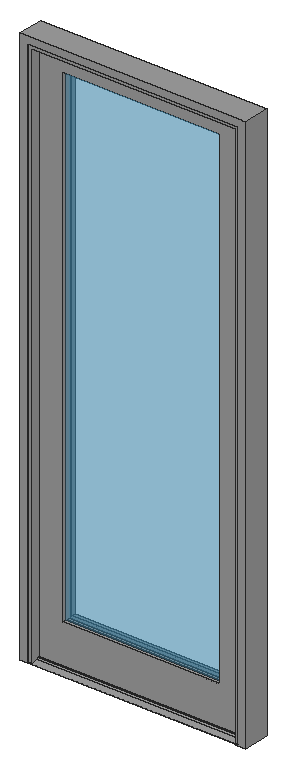
Revit family "AD-375 DOOR-1.56-PD-CW_v05", category Curtain Panels, Revit 2015
Parameters
  Width [instance] = 3' - 2"
  URL = "obe.com"
  Rough Width [instance] = 0' - 0"
  Panel Width [instance] = Width - 0' 2 1/2"  # 2' - 11 1/2"
  Panel Offset [instance] = 0' - 0"
  Offset [instance] = 0' - 3"
  Model = "AD-375 DOOR"
  Min-Max Rough Width [instance] = if(and((Rough Width > 3' 1 255/256"), (Rough Width < 3' 8 1/256")), Rough Width, 3' 2 1/2")  # 3' - 2 1/2"
  Min-Max Panel Width [instance] = if(and((Rough Width > 3' 1 255/256"), (Rough Width < 3' 8 1/256")), Rough Width - 0' 2 1/2", 3' 0")  # 3' - 0"
  Manufacturer = "Oldcastle BuildingEnvelope®"
  Keynote = "08 11 00"
  Height [instance] = 8' - 0"
  Glass Material = Glass
  Frame Material = Aluminum
  Door Panel Height [instance] = Height - 0' 0 21/32"  # 7' - 11 11/32"
  Description = "AD-375 - 1-9/16\" Door Infill"
  Assembly Code = "B2030"
  Analytic Construction = "<None>"
  6 Bottom Rail [instance] = yes
  10 Bottom Rail [instance] = not([6 Bottom Rail])  # no
Reference planes (in)
  plane 1 "Front": y = 0
  plane 2: z = 0
  plane 3 "Center (Left/Right)": x = 0
  plane 4 "Left": x = -19
  plane 5 "Right": x = 19
  plane 6 "Top": z = 96
  plane 7 "Offset": y = -3
  plane 8: x = -19.25
  plane 9: x = 19.25
Forms (in)
  Sweep 1, solid, material "Aluminum" <- "Frame Material"
    path origin (0, -3, 0) x (-1, 0, 0) y (0, 0, 1)
      loop
        line (-19.25, 96) -> (-19.25, 0)
    profile origin (19.25, -3, 48) x (0, 1, 0) y (-1, 0, 0)
      loop
        line (0, 0) -> (0, 1.25) -> (-2.7624, 1.25) -> (-2.7624, 1.812) -> (-4.3574, 1.812) -> (-4.3574, 1.25) -> (-4.50055, 1.25) -> (-4.50055, 0) -> (0, 0)
  Sweep 2, solid, material "Aluminum" <- "Frame Material"
    path origin (0, -3, 0) x (-1, 0, 0) y (0, 0, 1)
      loop
        line (19.25, 96) -> (19.25, 0)
    profile origin (-19.25, -3, 48) x (0, 1, 0) y (-1, 0, 0)
      loop
        line (0, 0) -> (-4.50055, 0) -> (-4.50055, -1.25) -> (-4.3574, -1.25) -> (-4.3574, -1.812) -> (-2.7624, -1.812) -> (-2.7624, -1.25) -> (0, -1.25) -> (0, 0)
  Sweep 3, solid, material "Aluminum" <- "Frame Material"
    path origin (0, -3, 0) x (-1, 0, 0) y (0, 0, 1)
      loop
        line (19.25, 96) -> (-19.25, 96)
    profile origin (0, -3, 96) x (0, 0, -1) y (0, 1, 0)
      loop
        line (1.25, 0) -> (0, 0) -> (0, -4.50055) -> (1.25, -4.50055) -> (1.25, -4.3574) -> (1.812, -4.3574) -> (1.812, -2.7624) -> (1.25, -2.7624) -> (1.25, 0)
Cuts and joins
  joined: Sweep 1, Sweep 2, Sweep 3
Text (in)
  text "Exterior" at (-54.29358, 31.38743, 0), in view "Ref. Level"
  text "Exterior" at (480, 41.53993, 89.60405), in view "Right"
  text "Exterior" at (-240, 57.82419, 105.78864), in view "Left"
Dimensions and locks (in)
  equal spacing: plane 4 "Left", plane 3 "Center (Left/Right)", plane 5 "Right"
  "Width": plane 4 "Left" to plane 5 "Right"
  "Height": plane 6 "Top" to plane 2
  "Offset": plane 7 "Offset" to plane 1 "Front"
  locked: plane 7 "Offset" to nested 2 at 1.4437
  locked: plane 9 to nested 2 at 1.25
  locked: plane 7 "Offset" to nested 3 at 1.4437
  locked: nested 3 to plane 8 at 1.25
  locked: nested 4 to plane 6 "Top" at 1.25
  locked: plane 7 "Offset" to nested 4 at 1.4437
  equal spacing: plane 8, plane 3 "Center (Left/Right)", plane 9
  "Min-Max Rough Width": plane 8 to plane 9
  locked: nested 1 to plane 7 "Offset" at 1.4437
  aligned and locked: level to plane 2
  aligned and locked: plane 3 "Center (Left/Right)" to nested 1
  aligned and locked: plane 2 to Sweep 1 sketch curve
  aligned and locked: plane 6 "Top" to Sweep 1 sketch curve
  aligned and locked: plane 2 to Sweep 2 sketch curve
  aligned and locked: plane 6 "Top" to Sweep 2 sketch curve
  aligned and locked: plane 6 "Top" to Sweep 3 sketch curve
  aligned and locked: plane 8 to Sweep 2 sketch curve
  aligned and locked: Sweep 1 sketch curve to plane 9
  aligned and locked: plane 9 to Sweep 3 sketch curve
  aligned and locked: plane 8 to Sweep 3 sketch curve
Automatic sketch dimensions
  Sweep 2 sketch curve to Sweep 2 sketch curve = 0' - 0.14315"
  Sweep 2 sketch curve to Sweep 2 sketch curve = 0' - 1.595"
  profile plane to Sweep 2 sketch curve = 0' - 1 1/4"  (x2)
  Sweep 2 sketch curve to Sweep 2 sketch curve = 0' - 2.7624"
  Sweep 2 sketch curve to Sweep 2 sketch curve = 0' - 0.562"
  Sweep 2 sketch curve to plane 7 "Offset" = 0' - 0"
  Sweep 2 sketch curve to profile plane = 0' - 0"
  Sweep 1 sketch curve to profile plane = 0' - 1.812"
  profile plane to Sweep 1 sketch curve = 0' - 0"
  Sweep 1 sketch curve to plane 7 "Offset" = 0' - 4.50055"
  Sweep 1 sketch curve to Sweep 1 sketch curve = 0' - 0.14315"
  Sweep 1 sketch curve to Sweep 1 sketch curve = 0' - 1.595"
  Sweep 1 sketch curve to profile plane = 0' - 1 1/4"  (x2)
  Sweep 1 sketch curve to Sweep 1 sketch curve = 0' - 2.7624"
  Sweep 3 sketch curve to profile plane = 0' - 1.812"
  Sweep 3 sketch curve to profile plane = 0' - 1 1/4"  (x2)
  Sweep 3 sketch curve to Sweep 3 sketch curve = 0' - 1 1/4"
  Sweep 3 sketch curve to plane 7 "Offset" = 0' - 4.50055"
  Sweep 3 sketch curve to Sweep 3 sketch curve = 0' - 0.14315"
  Sweep 3 sketch curve to Sweep 3 sketch curve = 0' - 1.595"
  Sweep 3 sketch curve to Sweep 3 sketch curve = 0' - 2.7624"
Nested families (in)
  nested 1: "AD-375 DOOR-1.56-PD-Panel_v04" at (0, -22.4437, 0), Frame Material <- "Frame Material", Glass Material <- "Glass Material", 6 Bottom Rail <- "6 Bottom Rail", Height <- "Door Panel Height", Width <- "Min-Max Panel Width", type "AD-375 DOOR-1.56-PD-Panel_v04"
    with built-in parameter 1001301 3' - 0", Offset 0' - 6", built-in parameter 1001300 7' - 11 11/32", Glass Material Glass, Frame Material Aluminum, Bottom Rail 0' - 6 19/32", 6 Bottom Rail yes, 10 Bottom Rail no
  nested 2: "EDGE FRAME L" at (20.5, -4.4437, 0) x (-1, 0, 0) z (0, 0, 1), type "EDGE FRAME L"
  nested 3: "EDGE FRAME R" at (-20.5, -4.4437, 0) x (-1, 0, 0) z (0, 0, 1), type "EDGE FRAME R"
  nested 4: "TOP FRAME" at (0, -4.4437, 97.25) x (0, -1, 0) z (1, 0, 0), type "TOP FRAME"
Definition of nested family "AD-375 DOOR-1.56-PD-Panel_v04"
  Parameters (values of type "AD-375 DOOR-1.56-PD-Panel_v04")
    Width [instance] = 3' - 6"
    Offset [instance] = 0' - 6"
    Height [instance] = 8' - 0"
    Glass Material [instance] = none
    Frame Material [instance] = none
    Bottom Rail [instance] = if([10 Bottom Rail], 0' 10 19/32", 0' 6 19/32")  # 0' - 6 19/32"
    Analytic Construction = "<None>"
    6 Bottom Rail [instance] = yes
    10 Bottom Rail [instance] = not([6 Bottom Rail])  # no
  Reference planes (in)
    plane 1 "00": y = 18
    plane 2: z = 0
    plane 3 "Center (Left/Right)": x = 0
    plane 4: z = 96
    plane 5: x = -21
    plane 6: x = 21
    plane 7 "Center (Front/Back)": y = 24
    plane 8: z = 48
    plane 9: z = 92.46875
    plane 10: z = 6.59375
    plane 11: x = 16.87499
    plane 12: x = -16.87499
  Forms (in)
    Sweep 1, solid, material <- "Frame Material"
      path origin (0, 18, 0) x (1, 0, 0) y (0, 0, 1)
        loop
          line (-20.93562, 96) -> (20.93745, 96)
      profile origin (0.00091, 18, 96) x (0, 0, 1) y (0, -1, 0)
        loop
          line (-0.59375, -1.3187) -> (-0.59375, 1.3187) -> (-3.96875, 1.3187) -> (-3.96875, 0.78148) -> (-3.53125, 0.78148) -> (-3.53125, -0.7815) -> (-3.96875, -0.7815) -> (-3.96875, -1.3187) -> (-0.59375, -1.3187)
    Sweep 2, solid, material <- "Frame Material"
      path origin (0, 18, 0) x (1, 0, 0) y (0, 0, 1)
        loop
          line (20.93745, 0) -> (-20.93562, 0)
      profile origin (0.00091, 18, 0) x (0, 0, -1) y (0, -1, 0)
        loop
          line (-7.125, -0.7815) -> (-7.125, -1.3187) -> (-0.375, -1.3187) -> (-0.375, 1.3187) -> (-0.256, 1.3187) -> (-0.256, -0.69426) -> (-0.1048, -1.44415) -> (0, -1.44415) -> (0, 3.05585) -> (-0.09458, 3.05585) -> (-0.256, 1.86985) -> (-0.506, 1.73385) -> (-0.506, 1.3187) -> (-7.125, 1.3187) -> (-7.125, 0.7815) -> (-6.59375, 0.7815) -> (-6.59375, -0.7815) -> (-7.125, -0.7815)
    Sweep 3, solid, material <- "Frame Material"
      path origin (0, 18, 0) x (1, 0, 0) y (0, 0, 1)
        loop
          line (21, 95.40625) -> (21, 0.375)
      profile origin (21, 18, 47.89062) x (0, -1, 0) y (1, 0, 0)
        loop
          line (1.3187, -4.56251) -> (1.3187, -0.06255) -> (-1.3187, -0.06255) -> (-1.3187, -4.56251) -> (-0.7815, -4.56251) -> (-0.7815, -4.12501) -> (0.7815, -4.12501) -> (0.7815, -4.56251) -> (1.3187, -4.56251)
    Sweep 4, solid, material <- "Frame Material"
      path origin (0, 18, 0) x (1, 0, 0) y (0, 0, 1)
        loop
          line (-21, 95.40625) -> (-21, 0.375)
      profile origin (-21, 18, 47.89062) x (0, -1, 0) y (1, 0, 0)
        loop
          line (-1.3187, 0.06438) -> (1.3187, 0.06438) -> (1.3187, 4.56251) -> (0.7815, 4.56251) -> (0.7815, 4.12501) -> (-0.7815, 4.12501) -> (-0.7815, 4.56251) -> (-1.3187, 4.56251) -> (-1.3187, 0.06438)
    Extrusion 5, solid, material <- "Glass Material", detail levels coarse
      sketch origin (0, 0, 0) x (1, 0, 0) y (0, 1, 0)
        loop
          line (-16.87499, 18.7815) -> (-16.87499, 17.2185) -> (16.87499, 17.2185) -> (16.87499, 18.7815) -> (-16.87499, 18.7815)
      from 6.59375 to 92.46875
    Extrusion 6, solid, material <- "Glass Material", detail levels medium+fine
      sketch origin (0, 0, 0) x (1, 0, 0) y (0, 1, 0)
        loop
          line (-16.87499, 17.2185) -> (16.87499, 17.2185) -> (16.87499, 17.4665) -> (-16.87499, 17.4665) -> (-16.87499, 17.2185)
        loop
          line (16.87499, 18.7815) -> (-16.87499, 18.7815) -> (-16.87499, 18.5335) -> (16.87499, 18.5335) -> (16.87499, 18.7815)
        loop
          line (16.87499, 18.12406) -> (-16.87499, 18.12406) -> (-16.87499, 17.87606) -> (16.87499, 17.87606) -> (16.87499, 18.12406)
      from 6.59375 to 92.46875
  Cuts and joins
    joined: Sweep 1, Sweep 2, Sweep 3, Sweep 4
  Lines and regions (in)
    model lines
      curve 1: line (16.87499, 18, 92.46875) -> (-16.43931, 18, 48)
      curve 2: line (16.87499, 18, 6.59375) -> (-16.43931, 18, 48)
  Dimensions and locks (in)
    equal spacing: plane 5, plane 3 "Center (Left/Right)", plane 6
    equal spacing: level, plane 8, plane 4
    locked: Sweep 3 sketch curve to plane 4 at 0.59375
    locked: Sweep 4 sketch curve to plane 4 at 0.59375
    locked: plane 9 to plane 4 at 3.53125
    "Bottom Rail": plane 10 to plane 2
    "Height": plane 4 to plane 2
    Sweep 1 sketch curve to plane 9 = 0' - 0 7/16"  (x2)
    locked: plane 10 to Sweep 2 sketch curve at 0.53125  (x2)
    "Width": plane 5 to plane 6
    locked: plane 6 to Sweep 2 sketch curve at 0.06255
    locked: plane 11 to plane 6 at 4.12501
    locked: plane 5 to plane 12 at 4.12501
    locked: Sweep 2 sketch curve to plane 5 at 0.06438
    locked: Sweep 1 sketch curve to plane 5 at 0.06438
    locked: plane 6 to Sweep 1 sketch curve at 0.06255
    locked: plane 2 to Sweep 3 sketch curve at 0.375
    locked: plane 2 to Sweep 4 sketch curve at 0.375
    "Offset": plane 1 "00" to plane 7 "Center (Front/Back)"
    aligned and locked: plane 2 to level
    aligned and locked: plane 3 "Center (Left/Right)" to nested 1
    aligned and locked: Sweep 1 sketch curve to plane 4
    aligned and locked: Sweep 2 sketch curve to level
    aligned and locked: level to nested 2
    aligned and locked: nested 2 to plane 1 "00"
    aligned and locked: Extrusion 6 to plane 9
    aligned and locked: Extrusion 5 to plane 9
    aligned and locked: plane 8 to curve 1
    aligned and locked: plane 10 to Extrusion 6
    aligned and locked: Sweep 3 sketch curve to plane 6
    aligned and locked: Sweep 4 sketch curve to plane 5
    aligned and locked: Extrusion 6 to plane 12  (x2)
    aligned and locked: Extrusion 5 to plane 12
    aligned and locked: plane 10 to Extrusion 5
    aligned and locked: plane 1 "00" to nested 1
    aligned and locked: Extrusion 6 sketch curve to plane 11  (x3)
    aligned and locked: plane 11 to Extrusion 5 sketch curve
  Automatic sketch dimensions
    Sweep 4 sketch curve to profile plane = 0' - 0.06438"
    Sweep 4 sketch curve to plane 1 "00" = 0' - 1.3187"
    Sweep 4 sketch curve to Sweep 4 sketch curve = 0' - 0.5372"
    plane 1 "00" to Sweep 4 sketch curve = 0' - 0.7815"
    plane 1 "00" to Sweep 4 sketch curve = 0' - 1.3187"
    Sweep 4 sketch curve to profile plane = 0' - 4 1/8"
    Sweep 4 sketch curve to Sweep 4 sketch curve = 0' - 0 7/16"  (x2)
    Sweep 3 sketch curve to plane 1 "00" = 0' - 1.3187"
    Sweep 3 sketch curve to Sweep 3 sketch curve = 0' - 0.5372"
    plane 1 "00" to Sweep 3 sketch curve = 0' - 0.7815"
    plane 1 "00" to Sweep 3 sketch curve = 0' - 1.3187"
    Sweep 3 sketch curve to Sweep 3 sketch curve = 0' - 0 7/16"  (x2)
    profile plane to Sweep 3 sketch curve = 0' - 0.06255"
    Sweep 3 sketch curve to Sweep 3 sketch curve = 0' - 4.06246"
    Sweep 1 sketch curve to Sweep 1 sketch curve = 0' - 0 7/16"
    profile plane to Sweep 1 sketch curve = 0' - 0 19/32"
    Sweep 1 sketch curve to plane 1 "00" = 0' - 1.3187"
    Sweep 1 sketch curve to Sweep 1 sketch curve = 0' - 0.5372"
    plane 1 "00" to Sweep 1 sketch curve = 0' - 0.78148"
    Sweep 1 sketch curve to Sweep 1 sketch curve = 0' - 0.53722"
    Sweep 2 sketch curve to profile plane = 0' - 0"
    Sweep 2 sketch curve to Sweep 2 sketch curve = 0' - 0 17/32"
    profile plane to Sweep 2 sketch curve = 0' - 0.506"
    profile plane to Sweep 2 sketch curve = 0' - 0 3/8"
    profile plane to Sweep 2 sketch curve = 0' - 0.256"  (x2)
    profile plane to Sweep 2 sketch curve = 0' - 0.1048"
    profile plane to Sweep 2 sketch curve = 0' - 0.09458"
    Sweep 2 sketch curve to plane 1 "00" = 0' - 1.44415"
    Sweep 2 sketch curve to plane 1 "00" = 0' - 1.3187"
    Sweep 2 sketch curve to Sweep 2 sketch curve = 0' - 0.5372"  (x2)
    Sweep 2 sketch curve to Sweep 2 sketch curve = 0' - 0.62444"
    plane 1 "00" to Sweep 2 sketch curve = 0' - 0.7815"
    plane 1 "00" to Sweep 2 sketch curve = 0' - 1.3187"
    Sweep 2 sketch curve to Sweep 2 sketch curve = 0' - 0.41515"
    Sweep 2 sketch curve to Sweep 2 sketch curve = 0' - 0.136"
    Sweep 2 sketch curve to Sweep 2 sketch curve = 0' - 1.186"
    Extrusion 5 sketch curve to plane 12 = 0' - 0"
    plane 1 "00" to Extrusion 5 sketch curve = 0' - 0.7815"
    Extrusion 5 sketch curve to plane 1 "00" = 0' - 0.7815"
    Extrusion 6 sketch curve to plane 12 = 0' - 0"  (x3)
    plane 1 "00" to Extrusion 6 sketch curve = 0' - 0.7815"
    Extrusion 6 sketch curve to Extrusion 6 sketch curve = 0' - 0.248"  (x2)
    plane 1 "00" to Extrusion 6 sketch curve = 0' - 0.12394"
    Extrusion 6 sketch curve to plane 1 "00" = 0' - 0.12406"
    Extrusion 6 sketch curve to Extrusion 6 sketch curve = 0' - 0.40944"
    curve 2 to plane 10 = 0' - 0"
    curve 2 to plane 11 = 0' - 0"
    curve 1 to plane 9 = 0' - 0"
    curve 1 to plane 11 = 0' - 0"
    plane 12 to curve 2 = 0' - 0.43567"
  Nested families (in)
    nested 1: "AD-375 DOOR-1.56-PD-Plan View_v02" at (0, 18, 0), Width <- "Width", type "AD-375 DOOR-1.56-PD-Plan View_v02"
    nested 2: "AD-375 DOOR-1.56-PD-Section" at (0, 18, 0) x (0, -1, 0) z (1, 0, 0), 6 Bottom Rail <- "6 Bottom Rail", Height <- "Height", type "AD-375 DOOR-1.56-PD-Section"
      with Height 8' - 0", Bottom Rail 0' - 6 19/32", 6 Bottom Rail yes, 10 Bottom Rail no
  Definition of nested family "AD-375 DOOR-1.56-PD-Plan View_v02"
    Parameters (values of type "AD-375 DOOR-1.56-PD-Plan View_v02")
      Width [instance] = 3' - 6"
    Reference planes (in)
      plane 1 "Center (Front/Back)": y = 0
      plane 2: z = 0
      plane 3 "Center (Left/Right)": x = 0
      plane 4: x = -21
      plane 5: x = 21
      plane 6: x = 19.25
      plane 7: y = 43.6875
      plane 8: x = -16.87499
      plane 9: y = 39.49999
      plane 10: x = -20.9375
      plane 11: x = 20.9375
      plane 12: y = 1.6875
      plane 13: y = 43.5625
    Lines and regions (in)
      detail lines, in view "Ref. Level", not visible
        curve 1: line (16.59354, -0.7815, 0) -> (-16.87499, -0.7815, 0)
        curve 2: line (16.59354, 0.7815, 0) -> (-16.87499, 0.7815, 0)
        curve 13: line (16.59354, 0.5335, 0) -> (-16.87499, 0.5335, 0)
        curve 14: line (16.59354, -0.5335, 0) -> (-16.87499, -0.5335, 0)
        curve 15: line (16.59354, 0.124, 0) -> (-16.87499, 0.124, 0)
        curve 16: line (16.59354, -0.124, 0) -> (-16.87499, -0.124, 0)
      detail lines, in view "Ref. Level"
        curve 3: line (20.0315, 39.50099, 0) -> (20.0315, 5.75001, 0)
        curve 7: line (18.4685, 39.50099, 0) -> (18.4685, 5.75001, 0)
        curve 22: arc (-20.93745, 1.3187, 0) -> (-8.93334, 31.03678, 0) -> (20.5687, 43.56245, 0) r 41.87657
      detail lines, in view "Ref. Level", detail levels fine
        curve 4: line (19.9695, 39.50099, 0) -> (19.9695, 5.75001, 0)
        curve 5: line (19.9075, 39.50099, 0) -> (19.9075, 5.75001, 0)
        curve 6: line (19.8455, 39.50099, 0) -> (19.8455, 5.75001, 0)
        curve 8: line (18.6545, 39.50099, 0) -> (18.6545, 5.75001, 0)
        curve 9: line (18.5925, 39.50099, 0) -> (18.5925, 5.75001, 0)
        curve 10: line (18.5305, 39.50099, 0) -> (18.5305, 5.75001, 0)
        curve 18: line (19.312, 39.50099, 0) -> (19.312, 5.75001, 0)
        curve 19: line (19.25, 39.50099, 0) -> (19.25, 5.75001, 0)
        curve 20: line (19.188, 39.50099, 0) -> (19.188, 5.75001, 0)
      detail lines, in view "Ref. Level", detail levels medium+fine
        curve 11: line (19.7835, 39.50099, 0) -> (19.7835, 5.75001, 0)
        curve 12: line (18.7165, 39.50099, 0) -> (18.7165, 5.75001, 0)
        curve 17: line (19.374, 39.50099, 0) -> (19.374, 5.75001, 0)
        curve 21: line (19.126, 39.50099, 0) -> (19.126, 5.75001, 0)
    Dimensions and locks (in)
      "Width": plane 12 to plane 7
      equal spacing: plane 4, plane 3 "Center (Left/Right)", plane 5
      "Width": plane 4 to plane 5
      nested 1 to plane 4 to plane 8 = 0' - 2.5305" locked, 0' - 4 1/8" locked
      plane 6 to plane 11 to plane 5 to nested 3 = 0' - 1 11/16" locked, 0' - 0 1/16" locked, 0' - 2.5305" locked
      locked: plane 4 to plane 10 at 0.0625
      nested 4 to plane 1 "Center (Front/Back)" to plane 12 = 0' - 0.9055" locked, 0' - 1 11/16" locked
      locked: plane 13 to plane 7 at 0.125
      locked: plane 9 to plane 7 at 4.18751
      locked: plane 13 to nested 2 at 2.593
      aligned and locked: nested 1 to plane 1 "Center (Front/Back)"
      aligned and locked: nested 2 to plane 6
      aligned and locked: nested 3 to plane 1 "Center (Front/Back)"
      aligned and locked: nested 4 to plane 6
      aligned and locked: nested 1 to curve 22
      aligned and locked: nested 2 to curve 22
    Automatic sketch dimensions
      curve 15 to plane 8 = 0' - 0"
      curve 2 to plane 8 = 0' - 0"
      curve 1 to plane 8 = 0' - 0"
      curve 13 to plane 8 = 0' - 0"
      curve 16 to plane 8 = 0' - 0"
      curve 14 to plane 8 = 0' - 0"
      curve 19 to plane 6 = 0' - 0"
      curve 22 to plane 11 = 0' - 0"
      plane 12 to curve 22 = 0' - 0"
      curve 15 to plane 1 "Center (Front/Back)" = 0' - 0.124"
      plane 6 to curve 15 = 0' - 2.65646"
      curve 2 to curve 15 = 0' - 0"
      curve 16 to curve 15 = 0' - 0"
      curve 14 to curve 16 = 0' - 0"
      curve 1 to curve 14 = 0' - 0"
      curve 13 to curve 2 = 0' - 0"
      plane 6 to curve 7 = 0' - 0.7815"
      curve 7 to curve 10 = 0' - 0.062"
      curve 10 to curve 9 = 0' - 0.062"
      curve 8 to plane 9 = 0' - 0.001"
      curve 9 to curve 8 = 0' - 0.062"
      curve 8 to curve 12 = 0' - 0.062"
      plane 6 to curve 21 = 0' - 0.124"
      curve 21 to curve 20 = 0' - 0.062"
      curve 18 to plane 9 = 0' - 0.001"
      curve 18 to plane 6 = 0' - 0.062"
      curve 17 to plane 9 = 0' - 0.001"
      curve 18 to curve 17 = 0' - 0.062"
      curve 11 to plane 9 = 0' - 0.001"
      curve 17 to curve 11 = 0' - 0.4095"
      curve 11 to curve 6 = 0' - 0.062"
      curve 5 to plane 9 = 0' - 0.001"
      curve 6 to curve 5 = 0' - 0.062"
      curve 5 to curve 4 = 0' - 0.062"
      curve 4 to curve 3 = 0' - 0.062"
      plane 13 to curve 22 = 0' - 0.00005"
      curve 15 to curve 2 = 0' - 0.6575"
      curve 13 to curve 2 = 0' - 0.248"
      plane 1 "Center (Front/Back)" to curve 16 = 0' - 0.124"
      curve 14 to curve 16 = 0' - 0.4095"
      curve 1 to curve 14 = 0' - 0.248"
      curve 7 to plane 12 = 0' - 4 1/16"
      curve 7 to curve 8 = 0' - 0"
      curve 8 to curve 21 = 0' - 0"
      curve 9 to curve 8 = 0' - 0"
      curve 21 to curve 20 = 0' - 0"
      curve 10 to curve 9 = 0' - 0"
      curve 20 to curve 19 = 0' - 0"
      curve 19 to curve 11 = 0' - 0"
      curve 19 to curve 18 = 0' - 0"
      curve 8 to curve 12 = 0' - 0"
      curve 11 to curve 6 = 0' - 0"
      curve 18 to curve 17 = 0' - 0"
      curve 6 to curve 5 = 0' - 0"
      curve 5 to curve 3 = 0' - 0"
      curve 5 to curve 4 = 0' - 0"
      curve 4 to plane 9 = 0' - 0.001"
      curve 3 to plane 9 = 0' - 0.001"
      curve 6 to plane 9 = 0' - 0.001"
      curve 7 to plane 9 = 0' - 0.001"
      curve 19 to plane 9 = 0' - 0.001"
      curve 20 to plane 9 = 0' - 0.001"
      curve 10 to plane 9 = 0' - 0.001"
      curve 21 to plane 9 = 0' - 0.001"
      curve 9 to plane 9 = 0' - 0.001"
      curve 12 to plane 9 = 0' - 0.001"
    Nested families (in)
      nested 1: "HINGE STILE PIVOT" at (-23.5305, 0, 0), type "HINGE-PD-DI", in view "Ref. Level", not visible
      nested 2: "HINGE STILE PIVOT" at (19.25, 46.1555, 0) x (0, -1, 0) z (0, 0, 1), type "HINGE-PD-DI", in view "Ref. Level"
      nested 3: "HINGE STILE PIVOT" at (23.5305, 0, 0) x (-1, 0, 0) z (0, 0, 1), type "HINGE-PD-DI", in view "Ref. Level", not visible
      nested 4: "HINGE STILE PIVOT" at (19.25, -0.9055, 0) x (0, 1, 0) z (0, 0, 1), type "HINGE-PD-DI", in view "Ref. Level"
    Definition of nested family "HINGE STILE PIVOT"
      Reference planes (in)
        plane 1 "Center (Front/Back)": y = 0
        plane 2: z = 0
        plane 3 "Center (Left/Right)": x = 0
      Lines and regions (in)
        detail lines, in view "Ref. Level"
          curve 1: line (2.91556, 1.3187, 0) -> (7.09301, 1.3187, 0)
          curve 2: line (7.09301, 1.3187, 0) -> (7.09301, 0.7815, 0)
          curve 3: line (7.09301, 0.7815, 0) -> (6.65551, 0.7815, 0)
          curve 4: line (6.65551, 0.7815, 0) -> (6.65551, -0.7815, 0)
          curve 5: line (6.65551, -0.7815, 0) -> (7.09301, -0.7815, 0)
          curve 6: line (7.09301, -0.7815, 0) -> (7.09301, -1.3187, 0)
          curve 7: line (7.09301, -1.3187, 0) -> (2.59305, -1.3187, 0)
          curve 8: line (2.59305, -1.3187, 0) -> (2.68991, 0.28882, 0)
          curve 9: arc (2.68991, 0.28882, 0) -> (2.73078, 0.37395, 0) -> (2.81952, 0.40621, 0) r 0.125
          curve 10: line (2.81952, 0.40621, 0) -> (2.81952, 1.19368, 0)
          curve 11: line (2.81952, 1.19368, 0) -> (2.82173, 1.23036, 0)
          curve 12: arc (2.82173, 1.23036, 0) -> (2.85113, 1.29314, 0) -> (2.91556, 1.3187, 0) r 0.094
  Definition of nested family "AD-375 DOOR-1.56-PD-Section"
    Parameters (values of type "AD-375 DOOR-Double-1.56-Section")
      Height [instance] = 8' - 0"
      Bottom Rail [instance] = if([10 Bottom Rail], 0' 10 19/32", 0' 6 19/32")  # 0' - 10 19/32"
      6 Bottom Rail [instance] = no
      10 Bottom Rail [instance] = not([6 Bottom Rail])  # yes
    Reference planes (in)
      plane 1 "Center (Front/Back)": y = 0
      plane 2: z = 0
      plane 3 "Center (Left/Right)": x = 0
      plane 4: y = 92.46875
      plane 5: y = 96
      plane 6: y = 10.59375
    Lines and regions (in)
      detail lines, in view "Ref. Level"
        curve 1: line (-0.78152, 92.46875, 0) -> (-0.78152, 10.59375, 0)
        curve 10: line (0.78148, 92.46875, 0) -> (0.78148, 10.59375, 0)
      detail lines, in view "Ref. Level", detail levels fine
        curve 2: line (-0.71952, 92.46875, 0) -> (-0.71952, 10.59375, 0)
        curve 3: line (-0.65752, 92.46875, 0) -> (-0.65752, 10.59375, 0)
        curve 4: line (-0.59552, 92.46875, 0) -> (-0.59552, 10.59375, 0)
        curve 7: line (0.59548, 92.46875, 0) -> (0.59548, 10.59375, 0)
        curve 8: line (0.65748, 92.46875, 0) -> (0.65748, 10.59375, 0)
        curve 9: line (0.71948, 92.46875, 0) -> (0.71948, 10.59375, 0)
        curve 12: line (-0.06202, 92.46879, 0) -> (-0.06202, 10.59379, 0)
        curve 13: line (-0.00002, 92.46879, 0) -> (-0.00002, 10.59379, 0)
        curve 14: line (0.06198, 92.46879, 0) -> (0.06198, 10.59379, 0)
      detail lines, in view "Ref. Level", detail levels medium+fine
        curve 5: line (-0.53352, 92.46875, 0) -> (-0.53352, 10.59375, 0)
        curve 6: line (0.53348, 92.46875, 0) -> (0.53348, 10.59375, 0)
        curve 11: line (-0.12402, 92.46879, 0) -> (-0.12402, 10.59379, 0)
        curve 15: line (0.12398, 92.46879, 0) -> (0.12398, 10.59379, 0)
    Dimensions and locks (in)
      nested 1 to plane 5 to plane 4 = 0' - 1 29/32" locked, 0' - 3 17/32" locked
      "Height": plane 1 "Center (Front/Back)" to plane 5
      "Bottom Rail": plane 1 "Center (Front/Back)" to plane 6
      aligned and locked: plane 4 to curve 1
      aligned and locked: plane 4 to curve 2
      aligned and locked: plane 4 to curve 3
      aligned and locked: plane 4 to curve 4
      aligned and locked: plane 4 to curve 5
      aligned and locked: plane 4 to curve 6
      aligned and locked: plane 4 to curve 7
      aligned and locked: plane 4 to curve 8
      aligned and locked: plane 4 to curve 9
      aligned and locked: plane 4 to curve 10
      aligned and locked: plane 3 "Center (Left/Right)" to nested 1
      aligned and locked: plane 6 to curve 10
      aligned and locked: plane 3 "Center (Left/Right)" to nested 2
      aligned and locked: nested 3 to plane 1 "Center (Front/Back)"
      aligned and locked: plane 3 "Center (Left/Right)" to nested 3
      aligned and locked: plane 1 "Center (Front/Back)" to nested 2
    Automatic sketch dimensions
      plane 6 to curve 1 = 0' - 0"
      plane 6 to curve 2 = 0' - 0"
      plane 6 to curve 3 = 0' - 0"
      plane 6 to curve 4 = 0' - 0"
      plane 6 to curve 5 = 0' - 0"
      plane 6 to curve 6 = 0' - 0"
      plane 6 to curve 7 = 0' - 0"
      plane 6 to curve 8 = 0' - 0"
      plane 6 to curve 9 = 0' - 0"
      curve 1 to plane 3 "Center (Left/Right)" = 0' - 0.78152"
      curve 1 to curve 2 = 0' - 0.062"
      curve 2 to curve 3 = 0' - 0.062"
      curve 3 to curve 4 = 0' - 0.062"
      curve 4 to curve 5 = 0' - 0.062"
      plane 4 to curve 11 = 0' - 0.00004"
      curve 11 to plane 3 "Center (Left/Right)" = 0' - 0.12402"
      curve 12 to plane 6 = 0' - 0.00004"
      curve 11 to curve 12 = 0' - 0.062"
      curve 13 to plane 3 "Center (Left/Right)" = 0' - 0"
      curve 14 to plane 6 = 0' - 0.00004"
      plane 3 "Center (Left/Right)" to curve 14 = 0' - 0.06198"
      plane 4 to curve 15 = 0' - 0.00004"
      curve 14 to curve 15 = 0' - 0.062"
      curve 15 to curve 6 = 0' - 0.4095"
      curve 6 to curve 7 = 0' - 0.062"
      curve 7 to curve 8 = 0' - 0.062"
      curve 8 to curve 9 = 0' - 0.062"
      curve 9 to curve 10 = 0' - 0.062"
      curve 13 to plane 6 = 0' - 0.00004"
      curve 11 to plane 6 = 0' - 0.00004"
      curve 15 to plane 6 = 0' - 0.00004"
      plane 4 to curve 14 = 0' - 0.00004"
      plane 4 to curve 12 = 0' - 0.00004"
      plane 4 to curve 13 = 0' - 0.00004"
    Nested families (in)
      nested 1: "TOP RAIL HINGE" at (0, 97.90625, 0), type "TOP RAIL-DI", in view "Ref. Level"
      nested 2: "6 BOTTOM RAIL" at (0, 7.12504, 0), visible <- "6 Bottom Rail", type "8 BOTTOM RAIL", in view "Ref. Level"
      nested 3: "10 BOTTOM RAIL" at (0, 11.12508, 0), visible <- "10 Bottom Rail", type "10 BOTTOM RAIL", in view "Ref. Level"
    Definition of nested family "TOP RAIL HINGE"
      Reference planes (in)
        plane 1 "Center (Front/Back)": y = 0
        plane 2: z = 0
        plane 3 "Center (Left/Right)": x = 0
      Lines and regions (in)
        detail lines, in view "Ref. Level"
          curve 1: line (1.3187, -2.625, 0) -> (-1.3187, -2.625, 0)
          curve 2: line (-1.3187, -2.625, 0) -> (-1.3187, -5.875, 0)
          curve 3: line (-1.3187, -5.875, 0) -> (-0.78152, -5.875, 0)
          curve 4: line (-0.78152, -5.875, 0) -> (-0.78152, -5.4375, 0)
          curve 5: line (-0.78152, -5.4375, 0) -> (0.78148, -5.4375, 0)
          curve 6: line (0.78148, -5.4375, 0) -> (0.78148, -5.875, 0)
          curve 7: line (0.78148, -5.875, 0) -> (1.3187, -5.875, 0)
          curve 8: line (1.3187, -5.875, 0) -> (1.3187, -2.625, 0)
    Definition of nested family "6 BOTTOM RAIL"
      Types (2): name
        6 BOTTOM RAIL
        8 BOTTOM RAIL
      Reference planes (in)
        plane 1 "Center (Front/Back)": y = 0
        plane 2: z = 0
        plane 3 "Center (Left/Right)": x = 0
      Lines and regions (in)
        detail lines, in view "Ref. Level"
          curve 1: line (1.31872, -6.75004, 0) -> (1.31872, 0, 0)
          curve 2: line (1.31872, 0, 0) -> (0.7815, 0, 0)
          curve 3: line (0.7815, 0, 0) -> (0.7815, -0.53204, 0)
          curve 4: line (0.7815, -0.53204, 0) -> (-0.7815, -0.53204, 0)
          curve 5: line (-0.7815, -0.53204, 0) -> (-0.7815, 0, 0)
          curve 6: line (-0.7815, 0, 0) -> (-1.28838, 0, 0)
          curve 7: line (-1.28838, 0, 0) -> (-1.28838, -6.75004, 0)
          curve 8: line (-1.28838, -6.75004, 0) -> (1.31872, -6.75004, 0)
          curve 9: line (3.05587, -7.12504, 0) -> (-1.44512, -7.12504, 0)
          curve 10: arc (-1.44512, -7.12504, 0) -> (-1.40967, -7.04655, 0) -> (-1.33797, -6.99884, 0) r 0.156
          curve 11: line (-1.33797, -6.99884, 0) -> (-0.69424, -6.86904, 0)
          curve 12: line (-0.69424, -6.86904, 0) -> (1.31872, -6.86904, 0)
          curve 13: line (1.31872, -6.86904, 0) -> (1.31872, -6.61904, 0)
          curve 14: line (1.31872, -6.61904, 0) -> (1.73387, -6.61904, 0)
          curve 15: line (1.73387, -6.61904, 0) -> (1.86987, -6.86904, 0)
          curve 16: line (1.86987, -6.86904, 0) -> (3.02642, -7.02507, 0)
          curve 17: arc (3.02642, -7.02507, 0) -> (3.04747, -7.03638, 0) -> (3.05587, -7.05876, 0) r 0.034
          curve 18: line (3.05587, -7.05876, 0) -> (3.05587, -7.12504, 0)
    Definition of nested family "10 BOTTOM RAIL"
      Reference planes (in)
        plane 1 "Center (Front/Back)": y = 0
        plane 2: z = 0
        plane 3 "Center (Left/Right)": x = 0
      Lines and regions (in)
        detail lines, in view "Ref. Level"
          curve 1: line (1.3187, -10.75008, 0) -> (1.3187, 0, 0)
          curve 2: line (1.3187, 0, 0) -> (0.78148, 0, 0)
          curve 3: line (0.78148, 0, 0) -> (0.78148, -0.53204, 0)
          curve 4: line (0.78148, -0.53204, 0) -> (-0.78152, -0.53204, 0)
          curve 5: line (-0.78152, -0.53204, 0) -> (-0.78152, 0, 0)
          curve 6: line (-0.78152, 0, 0) -> (-1.2884, 0, 0)
          curve 7: line (-1.2884, 0, 0) -> (-1.2884, -10.75008, 0)
          curve 8: line (-1.2884, -10.75008, 0) -> (1.3187, -10.75008, 0)
          curve 9: line (3.05585, -11.12508, 0) -> (-1.44514, -11.12508, 0)
          curve 10: arc (-1.44514, -11.12508, 0) -> (-1.40969, -11.0466, 0) -> (-1.33799, -10.99888, 0) r 0.156
          curve 11: line (-1.33799, -10.99888, 0) -> (-0.69426, -10.86908, 0)
          curve 12: line (-0.69426, -10.86908, 0) -> (1.3187, -10.86908, 0)
          curve 13: line (1.3187, -10.86908, 0) -> (1.3187, -10.61908, 0)
          curve 14: line (1.3187, -10.61908, 0) -> (1.73385, -10.61908, 0)
          curve 15: line (1.73385, -10.61908, 0) -> (1.86985, -10.86908, 0)
          curve 16: line (1.86985, -10.86908, 0) -> (3.0264, -11.02511, 0)
          curve 17: arc (3.0264, -11.02511, 0) -> (3.04745, -11.03643, 0) -> (3.05585, -11.0588, 0) r 0.034
          curve 18: line (3.05585, -11.0588, 0) -> (3.05585, -11.12508, 0)
Definition of nested family "EDGE FRAME L"
  Reference planes (in)
    plane 1 "Center (Front/Back)": y = 0
    plane 2: z = 0
    plane 3 "Center (Left/Right)": x = 0
  Lines and regions (in)
    detail lines, in view "Ref. Level"
      curve 1: line (2.5, 1.3187, 0) -> (2.5, -1.4437, 0)
      curve 2: line (2.5, -1.4437, 0) -> (1.25, -1.4437, 0)
      curve 3: line (1.25, -1.4437, 0) -> (1.25, 3.05685, 0)
      curve 4: line (1.25, 3.05685, 0) -> (2.5, 3.05685, 0)
      curve 5: line (2.5, 3.05685, 0) -> (2.5, 2.9137, 0)
      curve 6: line (2.5, 2.9137, 0) -> (3.062, 2.9137, 0)
      curve 7: line (3.062, 2.9137, 0) -> (3.062, 1.3187, 0)
      curve 8: line (3.062, 1.3187, 0) -> (2.5, 1.3187, 0)
Definition of nested family "EDGE FRAME R"
  Reference planes (in)
    plane 1 "Center (Front/Back)": y = 0
    plane 2: z = 0
    plane 3 "Center (Left/Right)": x = 0
  Lines and regions (in)
    detail lines, in view "Ref. Level"
      curve 1: line (-2.5, 1.3187, 0) -> (-2.5, -1.4437, 0)
      curve 2: line (-2.5, -1.4437, 0) -> (-1.25, -1.4437, 0)
      curve 3: line (-1.25, -1.4437, 0) -> (-1.25, 3.05685, 0)
      curve 4: line (-1.25, 3.05685, 0) -> (-2.5, 3.05685, 0)
      curve 5: line (-2.5, 3.05685, 0) -> (-2.5, 2.9137, 0)
      curve 6: line (-2.5, 2.9137, 0) -> (-3.062, 2.9137, 0)
      curve 7: line (-3.062, 2.9137, 0) -> (-3.062, 1.3187, 0)
      curve 8: line (-3.062, 1.3187, 0) -> (-2.5, 1.3187, 0)
Definition of nested family "TOP FRAME"
  Reference planes (in)
    plane 1 "Center (Front/Back)": y = 0
    plane 2: z = 0
    plane 3 "Center (Left/Right)": x = 0
  Lines and regions (in)
    detail lines, in view "Ref. Level"
      curve 1: line (-1.4437, -2.5, 0) -> (1.3187, -2.5, 0)
      curve 2: line (1.3187, -2.5, 0) -> (1.3187, -3.062, 0)
      curve 3: line (1.3187, -3.062, 0) -> (2.9137, -3.062, 0)
      curve 4: line (2.9137, -3.062, 0) -> (2.9137, -2.5, 0)
      curve 5: line (2.9137, -2.5, 0) -> (3.05685, -2.5, 0)
      curve 6: line (3.05685, -2.5, 0) -> (3.05685, -1.25, 0)
      curve 7: line (3.05685, -1.25, 0) -> (-1.4437, -1.25, 0)
      curve 8: line (-1.4437, -1.25, 0) -> (-1.4437, -2.5, 0)
